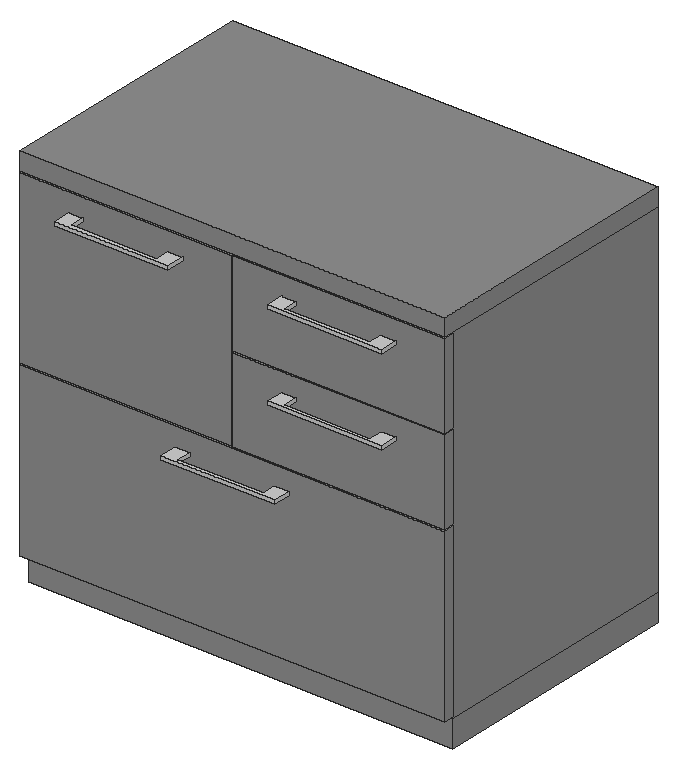
Revit family "Haworth_XSeries_ComboUnit_2HighDrawers", category Furniture Systems, Revit 2019
Family settings
  Round Connector Dimension = Use Diameter
  Part Type = Normal
  OmniClass Number = 23.40.70.14.64.21
  OmniClass Title = Systems Furniture
  Work Plane-Based = No
  Always vertical = Yes
  Cut with Voids When Loaded = No
  Shared = No
  Room Calculation Point = No
Parameters (values of type "18d 30w 27h")
  Warranty = "https://cdn.shopify.com/s/files/1/0561/5304/7249/files/Haworth_North_America_Online_Warranty_2022.pdf?v=1660247284"
  URL - Product = "https://www.haworth.com/na/en/products/active-storage/x-series.html"
  URL = "http://www.haworth.com/"
  Taper Pull = no
  Sustainability Info = "https://www.haworth.com/na/en/expertise/research/sustainability.html"
  Size = "Verify Final Dim. w/ Haworth"  # constant formula
  Revision Number = "4"  # constant formula
  Radius Pull = no
  Pull Finish = Haworth _ Metal _ Brushed Aluminum
  Model = "JCPT"
  Manufacturer = "Haworth"  # constant formula
  Lockbar Finish [instance] = Haworth _ Paint _ Graphite
  Linear Pull = yes
  J Pull = no
  Front Finish [instance] = Haworth _ Paint _ Graphite
  Ellipse Pull = not(or(Taper Pull, Radius Pull, Linear Pull, Crescent Pull, Classic Pull, J Pull))  # no
  Drawer Width = (Actual Width / 2) - 1/16"  # 14 7/8"
  Drawer Offset = 1/8"  # constant formula
  Drawer 3 Height = 5 15/16"  # constant formula
  Drawer 2 Height = 12"  # constant formula
  Drawer 1 Height = 12"  # constant formula
  Description = "Haworth XSeries Combo Unit"  # constant formula
  Crescent Pull = no
  Classic Pull = no
  Cabinet Finish [instance] = Haworth _ Paint _ Graphite
  Author = "Haworth (Hampton), SHAPE Environments, LLC"  # constant formula
  Assembly Code = "E2020200"
  Actual Width = 29 7/8"  # constant formula
  Actual Height = 27 1/2"  # constant formula
  Actual Depth = 18 3/4"  # constant formula
Reference planes (in)
  plane 1 "Back": y = 0
  plane 2: z = 0
  plane 3 "Center L/R": x = 0
  plane 4 "Left": x = -14.9375
  plane 5 "Right": x = 14.9375
  plane 6 "Back of Drawer": y = -18
  plane 7 "Front": y = -18.75
  plane 8 "Top": z = 27.5
  plane 9 "Bottom of Top": z = 26.25
  plane 10 "Bottom of Cabinet": z = 0
  plane 11 "feet back": y = -2
  plane 12 "feet front": y = -16
  plane 13 "Feet Right": x = 12.9375
  plane 14 "Feet Left": x = -12.9375
  plane 15 "Bottom Drawer": z = 1.875
  plane 16 "Left Inside": x = -14.1875
  plane 17 "Right Inside": x = 14.1875
  plane 18 "Center F/B": y = -9.375
Forms (in)
  Extrusion 1, solid, material "Haworth _ Paint _ Graphite" <- "Cabinet Finish"
    sketch origin (114.68227, -6.06265, 0) x (1, 0, 0) y (0, 1, 0)
      loop
        line (-129.61977, 6.06265) -> (-129.61977, -11.93735) -> (-99.74477, -11.93735) -> (-99.74477, 6.06265) -> (-129.61977, 6.06265)
    from 1.875 to 26.25
  Extrusion 2, solid, material "Haworth _ Paint _ Graphite" <- "Cabinet Finish"
    sketch origin (0, 0, 0) x (1, 0, 0) y (0, 1, 0)
      loop
        line (-14.9375, 0) -> (-14.9375, -18.75) -> (14.9375, -18.75) -> (14.9375, 0) -> (-14.9375, 0)
    from 26.25 to 27.5
  Extrusion 3, solid, material "Haworth _ Paint _ Graphite" <- "Cabinet Finish"
    sketch origin (0, 0, -18.75) x (1, 0, 0) y (0, 1, 0)
      loop
        line (-14.9375, 0) -> (-14.9375, -18) -> (14.9375, -18) -> (14.9375, 0) -> (-14.9375, 0)
    from 18.75 to 20.625
Lines and regions (in)
  Masking region 1
    outline origin (0, 0, 0) x (1, 0, 0) y (0, 1, 0)
      loop
        line (-14.9375, 0) -> (-14.9375, -18.75) -> (14.9375, -18.75) -> (14.9375, 0) -> (-14.9375, 0)
Dimensions and locks (in)
  locked: plane 6 "Back of Drawer" to plane 7 "Front" at 0.75
  "Actual Depth": plane 1 "Back" to plane 7 "Front"
  "Actual Width": plane 4 "Left" to plane 5 "Right"
  locked: plane 8 "Top" to plane 9 "Bottom of Top" at 1.25
  equal spacing: plane 4 "Left", plane 3 "Center L/R", plane 5 "Right"
  locked: plane 13 "Feet Right" to plane 5 "Right" at 2
  locked: plane 4 "Left" to plane 14 "Feet Left" at 2
  locked: plane 12 "feet front" to plane 6 "Back of Drawer" at 2
  locked: plane 1 "Back" to plane 11 "feet back" at 2
  locked: plane 15 "Bottom Drawer" to plane 10 "Bottom of Cabinet" at 1.875
  "Actual Height": plane 8 "Top" to level
  locked: plane 16 "Left Inside" to plane 4 "Left" at 0.75
  locked: plane 5 "Right" to plane 17 "Right Inside" at 0.75
  equal spacing: plane 7 "Front", plane 18 "Center F/B", plane 1 "Back"
  plane 9 "Bottom of Top" to plane 15 "Bottom Drawer" = 24 3/8"
  locked: nested 1 to plane 15 "Bottom Drawer" at 0.125
  locked: nested 2 to nested 1 at 0.125
  locked: plane 9 "Bottom of Top" to nested 2 at 0.125
  locked: nested 4 to nested 3 at 0.125
  locked: plane 9 "Bottom of Top" to nested 4 at 0.125
  locked: nested 3 to nested 1 at 0.125
  aligned and locked: plane 1 "Back" to Extrusion 1 sketch curve
  aligned and locked: Extrusion 1 to plane 4 "Left"
  aligned and locked: Extrusion 1 to plane 5 "Right"
  aligned: plane 9 "Bottom of Top" to Extrusion 1
  aligned and locked: plane 4 "Left" to Extrusion 2 sketch curve
  aligned and locked: plane 1 "Back" to Extrusion 2 sketch curve
  aligned and locked: plane 5 "Right" to Extrusion 2 sketch curve
  aligned and locked: plane 7 "Front" to Extrusion 2 sketch curve
  aligned and locked: plane 8 "Top" to Extrusion 2
  aligned and locked: Extrusion 2 to plane 9 "Bottom of Top"
  aligned and locked: level to plane 2
  aligned and locked: plane 5 "Right" to Extrusion 1 sketch curve
  aligned and locked: plane 4 "Left" to Extrusion 1 sketch curve
  aligned: Extrusion 1 to plane 15 "Bottom Drawer"
  aligned and locked: plane 10 "Bottom of Cabinet" to Extrusion 3
  aligned and locked: plane 15 "Bottom Drawer" to Extrusion 3
  aligned and locked: plane 4 "Left" to Extrusion 3 sketch curve
  aligned and locked: plane 5 "Right" to Extrusion 3 sketch curve
  aligned and locked: plane 6 "Back of Drawer" to Extrusion 3 sketch curve
  aligned and locked: plane 1 "Back" to Extrusion 3 sketch curve
  aligned and locked: Masking region 1 sketch curve to Extrusion 2  (x2)
  aligned and locked: Masking region 1 sketch curve to Extrusion 1
  aligned and locked: Extrusion 2 to Masking region 1 sketch curve
  aligned and locked: plane 3 "Center L/R" to nested 1
  aligned and locked: plane 5 "Right" to nested 3
  aligned and locked: plane 5 "Right" to nested 4
  aligned and locked: plane 4 "Left" to nested 2
  aligned and locked: nested 1 to plane 6 "Back of Drawer"
  aligned and locked: nested 3 to plane 6 "Back of Drawer"
  aligned and locked: nested 2 to plane 6 "Back of Drawer"
  aligned and locked: nested 4 to plane 6 "Back of Drawer"
  aligned and locked: Extrusion 2 to plane 8 "Top"
  aligned and locked: plane 9 "Bottom of Top" to Extrusion 2
  aligned and locked: Extrusion 3 to plane 10 "Bottom of Cabinet"
  aligned and locked: Extrusion 3 to plane 15 "Bottom Drawer"
  aligned and locked: plane 9 "Bottom of Top" to Extrusion 1
  aligned and locked: Extrusion 1 to plane 15 "Bottom Drawer"
Automatic sketch dimensions
  Extrusion 1 sketch curve to plane 6 "Back of Drawer" = 0"
Nested families (in)
  nested 1: "Haworth_Drawer" at (0, -18, 2), Drawer Height <- "Drawer 1 Height", type "Haworth_Drawer_Long"
    with J Pull Drawer no, Drawer Height 12", Pull Linear yes, Pull Height 1 7/16", Pull Ellipse no, Drawer Width 29 7/8"
  nested 2: "Haworth_Drawer" at (-7.5, -18, 14.125), type "Haworth_Drawer"
    with J Pull Drawer no, Drawer Height 12", Pull Linear yes, Pull Height 1 7/16", Pull Ellipse no
  nested 3: "Haworth_Drawer" at (7.5, -18, 14.125), Drawer Height <- "Drawer 3 Height", type "Haworth_Drawer"
    with J Pull Drawer no, Drawer Height 5 15/16", Pull Linear yes, Pull Height 1 7/16", Pull Ellipse no
  nested 4: "Haworth_Drawer" at (7.5, -18, 20.1875), Drawer Height <- "Drawer 3 Height", type "Haworth_Drawer"
    with J Pull Drawer no, Drawer Height 5 15/16", Pull Linear yes, Pull Height 1 7/16", Pull Ellipse no
Definition of nested family "Haworth_Drawer"
  Parameters
    Pull Taper = no
    Pull Radius = no
    Pull Patterns = no
    Pull Linear = no
    Pull Height = if(Pull Ellipse, 11/64", if(Pull Radius, 1 3/16", if(Pull Taper, 3/4", 1 7/16")))  # 11/64"
    Pull Finish = none
    Pull Ellipse = yes
    Pull Crescent = no
    Pull Classic = no
    J Pull Drawer [instance] = J Pull  # no
    J Pull = no
    Integral Pull Location = if(Integral Pull, 3 5/8", 1")  # 1"
    Integral Pull = no
    Front Finish = none
    Drawer Width = 14 7/8"
    Flush Drawer = not(J Pull)  # yes
    Drawer Height [instance] = 12"
    Drawer Finish = none
    Assembly Code = ""
  Reference planes (in)
    plane 1 "Drawer Back": y = 0
    plane 2: z = 0
    plane 3 "Center L/R": x = 0
    plane 4 "Drawer Front": y = -0.75
    plane 5 "Left": x = -7.4375
    plane 6 "Right": x = 7.4375
    plane 7 "Top": z = 12
    plane 8: y = -4
    plane 9: y = -3
    plane 10 "Integral Top": z = 11.54688
    plane 11 "Pull Location": z = 11.82813
    plane 12 "Integral Bottom": z = 12.10937
  Forms (in)
    Extrusion 1, solid, material <- "Drawer Finish", visible <- "J Pull Drawer"
      sketch origin (-7.4375, 0, 0) x (0, 1, 0) y (0, 0, 1)
        loop
          line (0, 12) -> (-0.25, 12) -> (-0.25, 11.4375) -> (-0.75, 11.4375) -> (-0.75, 0) -> (0, 0) -> (0, 12)
      from 0 to 14.875
    Extrusion 2, solid, material <- "Drawer Finish", visible <- "Flush Drawer"
      sketch origin (-7.4375, 0, 2.25) x (0, 1, 0) y (0, 0, 1)
        loop
          line (0, 9.75) -> (-0.75, 9.75) -> (-0.75, -2.25) -> (0, -2.25) -> (0, 9.75)
      from 0 to 14.875
    Extrusion 3, void
      sketch origin (0, -0.75, 0) x (-1, 0, 0) y (0, 0, 1)
        loop
          line (4, 11.54688) -> (4, 12.10937) -> (-4, 12.10937) -> (-4, 11.54688) -> (4, 11.54688)
      from -3.25 to -2.25
  Cuts and joins
    Extrusion 3 cuts Extrusion 1
    Extrusion 3 cuts Extrusion 2
  Dimensions and locks (in)
    equal spacing: plane 5 "Left", plane 3 "Center L/R", plane 6 "Right"
    "Drawer Width": plane 5 "Left" to plane 6 "Right"
    locked: plane 1 "Drawer Back" to plane 4 "Drawer Front" at 0.75
    "Drawer Height": plane 7 "Top" to level
    locked: plane 8 to plane 1 "Drawer Back" at 4
    "Integral Pull Location": plane 8 to plane 9
    equal spacing: Extrusion 3 sketch curve, plane 3 "Center L/R", Extrusion 3 sketch curve
    locked: Extrusion 3 sketch curve to Extrusion 3 sketch curve at 8
    "Pull Height": plane 7 "Top" to plane 11 "Pull Location"
    equal spacing: plane 12 "Integral Bottom", plane 11 "Pull Location", plane 10 "Integral Top"
    locked: plane 12 "Integral Bottom" to plane 10 "Integral Top" at 0.5625
    aligned and locked: Extrusion 1 sketch curve to plane 1 "Drawer Back"
    aligned and locked: Extrusion 1 sketch curve to plane 2
    aligned and locked: Extrusion 1 sketch curve to plane 4 "Drawer Front"
    aligned and locked: Extrusion 1 to plane 6 "Right"
    aligned and locked: Extrusion 2 to plane 6 "Right"
    aligned and locked: plane 1 "Drawer Back" to Extrusion 2 sketch curve
    aligned and locked: plane 7 "Top" to Extrusion 2 sketch curve
    aligned and locked: level to Extrusion 2 sketch curve
    aligned and locked: Extrusion 2 sketch curve to plane 4 "Drawer Front"
    aligned: plane 7 "Top" to nested 1
    aligned: Extrusion 3 to plane 8
    aligned: plane 9 to Extrusion 3
    aligned and locked: nested 1 to plane 4 "Drawer Front"
    aligned and locked: plane 12 "Integral Bottom" to Extrusion 3 sketch curve
    aligned and locked: nested 1 to plane 11 "Pull Location"
    aligned and locked: plane 3 "Center L/R" to nested 1
    aligned and locked: plane 9 to Extrusion 3
  Automatic sketch dimensions
    Extrusion 1 sketch curve to plane 7 "Top" = 0"
    plane 1 "Drawer Back" to Extrusion 1 sketch curve = 1/4"
    Extrusion 1 sketch curve to Extrusion 1 sketch curve = 9/16"
    Extrusion 3 sketch curve to plane 10 "Integral Top" = 0"
  Nested families (in)
    nested 1: "Haworth_Drawer-Pulls" at (0, -0.75, 11.82813), type "Pull", detail levels medium+fine
      with Linear no, Ellipse yes
  Definition of nested family "Haworth_Drawer-Pulls"
    Parameters
      Taper = no
      Radius = no
      Patterns = no
      Linear = yes
      Handle Finish = none
      Ellipse = no
      Cresent = no
      Classic = no
      Assembly Code = ""
    Reference planes (in)
      plane 1 "Center Front/Back": y = 0
      plane 2: z = 0
      plane 3 "Center Left/Right": x = 0
    Forms (in)
      Extrusion 1, solid, material <- "Handle Finish", visible <- "Ellipse"
        sketch origin (0, 0, 0.15915) x (0, 1, 0) y (0, 0, 1)
          loop
            arc (-0.03015, 0) -> (-0.26713, -0.02983) -> (-0.49038, -0.11475) r 1.00501
            arc (-0.49038, -0.11475) -> (-0.65216, -0.22112) -> (-0.78985, -0.35725) r 0.97894
            arc (-0.78985, -0.35725) -> (-0.87314, -0.47263) -> (-0.94033, -0.59807) r 1.0667
            arc (-0.94033, -0.59807) -> (-0.90977, -0.66145) -> (-0.84562, -0.63254) r 0.05041
            arc (-0.84562, -0.63254) -> (-0.67669, -0.39049) -> (-0.44702, -0.20509) r 1.04885
            arc (-0.44702, -0.20509) -> (-0.35012, -0.16094) -> (-0.24858, -0.12892) r 0.8735
            arc (-0.24858, -0.12892) -> (-0.16053, -0.15188) -> (-0.11419, -0.23018) r 0.11948
            arc (-0.11419, -0.23018) -> (-0.0664, -0.27738) -> (0, -0.26729) r 0.07488
            line (0, -0.26729) -> (0, -0.05102) -> (-0.03015, 0)
        from -6.51863 to 6.51698
      Extrusion 2, void
        sketch origin (0, 0, 0.15915) x (1, 0, 0) y (0, 1, 0)
          loop
            line (-6.49996, 0) -> (-6.67266, 0) -> (-6.67266, -1.11616) -> (6.67266, -1.11616) -> (6.67266, 0) -> (6.49996, 0)
            arc (6.49996, 0) -> (6.46575, -0.17809) -> (6.37201, -0.33332) r 0.51574
            arc (6.37201, -0.33332) -> (6.23583, -0.44508) -> (6.07096, -0.50713) r 0.54076
            arc (6.07096, -0.50713) -> (4.5721, -0.7479) -> (3.05951, -0.87689) r 20.46435
            arc (3.05951, -0.87689) -> (0, -0.95029) -> (-3.05951, -0.87689) r 63.79827
            arc (-3.05951, -0.87689) -> (-4.5721, -0.7479) -> (-6.07096, -0.50713) r 20.46435
            arc (-6.07096, -0.50713) -> (-6.23583, -0.44508) -> (-6.37201, -0.33332) r 0.54076
            arc (-6.37201, -0.33332) -> (-6.46575, -0.17809) -> (-6.49996, 0) r 0.51574
        from 0 to -0.90865
      Blend 3, solid, material <- "Handle Finish", visible <- "Radius"
        base sketch origin (0, 0, 0.3125) x (0, 1, 0) y (0, 0, -1)
          loop
            line (0, 0) -> (0, 0.625) -> (-0.40339, 0.625)
            arc (-0.40339, 0.625) -> (-0.71589, 0.3125) -> (-0.40339, 0) r 0.3125
            line (-0.40339, 0) -> (0, 0)
        top sketch origin (0, 0, 0.3125) x (0, 1, 0) y (0, 0, -1)
          loop
            line (0, 0) -> (0, 0.625) -> (-0.77884, 0.625)
            arc (-0.77884, 0.625) -> (-1.09134, 0.3125) -> (-0.77884, 0) r 0.3125
            line (-0.77884, 0) -> (0, 0)
        from -4.875 to -3.625
      Sweep 4, solid, material <- "Handle Finish", visible <- "Radius"
        path origin (0, 0, 0) x (1, 0, 0) y (0, 1, 0)
          loop
            arc (-4.875, -0.71589) -> (0, -1.5425) -> (4.875, -0.71589) r 14.78881
        profile origin (0, -1.5425, 0) x (0, 1, 0) y (0, 0, 1)
          loop
            circle (0.3125, 0) r 0.30469
      Extrusion 5, solid, material <- "Handle Finish", visible <- "Taper"
        sketch origin (0, 0, 0.27281) x (0, 1, 0) y (0, 0, 1)
          loop
            line (0, 0) -> (-0.875, 0)
            arc (-0.875, 0) -> (-0.96339, -0.03661) -> (-1, -0.125) r 0.125
            line (-1, -0.125) -> (-1, -0.7) -> (-0.96886, -0.7) -> (-0.96886, -0.1251)
            arc (-0.96886, -0.1251) -> (-0.94137, -0.05874) -> (-0.875, -0.03125) r 0.09386
            line (-0.875, -0.03125) -> (-0.03125, -0.03125) -> (-0.03125, -0.53) -> (0, -0.53) -> (0, 0)
        from -6.5565 to 6.5565
      Extrusion 6, void
        sketch origin (0, 0, 0.27281) x (1, 0, 0) y (0, 0, 1)
          loop
            arc (-5.23353, -0.7191) -> (-5.99714, -0.52453) -> (-6.57454, 0.01172) r 1.59575
            line (-6.57454, 0.01172) -> (-6.85981, 0.01172) -> (-6.85981, -1) -> (6.85981, -1) -> (6.85981, 0.01172) -> (6.57454, 0.01172)
            arc (6.57454, 0.01172) -> (5.99714, -0.52453) -> (5.23353, -0.7191) r 1.59575
            line (5.23353, -0.7191) -> (-5.23353, -0.7191)
        from 0 to 2.20115
      Sweep 7, solid, material <- "Handle Finish", visible <- "Cresent"
        path origin (0, 0, 0.125) x (1, 0, 0) y (0, 1, 0)
          loop
            arc (-3.80272, 0.04) -> (0, -1.24998) -> (3.80273, 0.04) r 6.25
        profile origin (0, -1.24998, 0.125) x (0, 1, 0) y (0, 0, 1)
          loop
            circle (0.125, -0.125) r 0.125
      Extrusion 8, void
        sketch origin (0, 0, 0.125) x (1, 0, 0) y (0, 1, 0)
          loop
            line (-3.94545, 0) -> (3.94399, 0) -> (3.94399, 0.32073) -> (-3.94545, 0.32073) -> (-3.94545, 0)
        from 0.03472 to -0.28458
      Extrusion 9, solid, material <- "Handle Finish", visible <- "Linear"
        sketch origin (0, 0, 0.125) x (1, 0, 0) y (0, 1, 0)
          loop
            line (-4, 0) -> (-4, -1.25) -> (4, -1.25) -> (4, 0) -> (3, 0) -> (3, -1) -> (-3, -1) -> (-3, 0) -> (-4, 0)
        from 0 to -0.25
      Extrusion 10, solid, material <- "Handle Finish", visible <- "Classic"
        sketch origin (0, 0, 0.375) x (1, 0, 0) y (0, 0, 1)
          loop
            line (-3.375, 0) -> (-3.375, -0.75)
            arc (-3.375, -0.75) -> (-3, -0.375) -> (-3.375, 0) r 0.375
        from 0 to 1
      Extrusion 11, solid, material <- "Handle Finish", visible <- "Classic"
        sketch origin (0, 0, 0.375) x (-1, 0, 0) y (0, 0, -1)
          loop
            arc (-3.375, 0) -> (-3, 0.375) -> (-3.375, 0.75) r 0.375
            line (-3.375, 0.75) -> (-3.375, 0)
        from 0 to 1
      Extrusion 12, solid, material <- "Handle Finish", visible <- "Classic"
        sketch origin (0, 0, 0.375) x (1, 0, 0) y (0, 0, 1)
          loop
            line (-3.375, 0) -> (-3.375, -0.75) -> (3.375, -0.75) -> (3.375, 0) -> (-3.375, 0)
        from 1 to 1.25
      Blend 13, solid, material <- "Handle Finish", visible <- "Radius"
        base sketch origin (0, 0, 0.3125) x (0, 1, 0) y (0, 0, 1)
          loop
            line (0, 0) -> (-0.40339, 0)
            arc (-0.40339, 0) -> (-0.71589, -0.3125) -> (-0.40339, -0.625) r 0.3125
            line (-0.40339, -0.625) -> (0, -0.625) -> (0, 0)
        top sketch origin (0, 0, 0.3125) x (0, 1, 0) y (0, 0, 1)
          loop
            line (0, 0) -> (-0.77884, 0)
            arc (-0.77884, 0) -> (-1.09134, -0.3125) -> (-0.77884, -0.625) r 0.3125
            line (-0.77884, -0.625) -> (0, -0.625) -> (0, 0)
        from -4.875 to -3.625
      Extrusion 14, solid, material <- "Handle Finish", visible <- "Patterns"
        sketch origin (0, 0, 0.27281) x (0, 1, 0) y (0, 0, 1)
          loop
            line (0, 0) -> (-0.875, 0)
            arc (-0.875, 0) -> (-0.96339, -0.03661) -> (-1, -0.125) r 0.125
            line (-1, -0.125) -> (-1, -0.7) -> (-0.96886, -0.7) -> (-0.96886, -0.1251)
            arc (-0.96886, -0.1251) -> (-0.94137, -0.05874) -> (-0.875, -0.03125) r 0.09386
            line (-0.875, -0.03125) -> (-0.03125, -0.03125) -> (-0.03125, -0.53) -> (0, -0.53) -> (0, 0)
        from -4 to 4
    Cuts and joins
      Extrusion 2 cuts Extrusion 1
      joined: Extrusion 10, Extrusion 11, Extrusion 12
      Extrusion 6 cuts Extrusion 5
      Extrusion 8 cuts Sweep 7
      joined: Blend 3, Sweep 4, Blend 13
